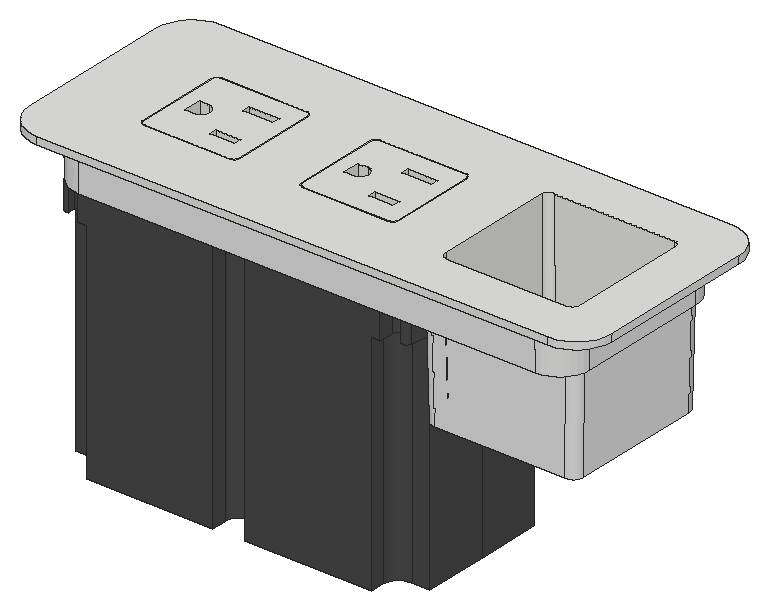
Revit family "Electrical-Teknion-YEFPW_Flush_Power_Module_WE_Connect-R2022", category Furniture, Revit 2023 (continued)
Automatic sketch dimensions
  curve 20 to curve 274 = 0.03215"
  curve 276 to plane 6 "Back" = 1.42601"
  curve 276 to curve 25 = 0.06934"
  curve 273 to plane 7 "Front" = 1.42601"
  curve 273 to curve 28 = 0.06934"
  curve 272 to curve 272 = 0.05809"
  curve 277 to curve 277 = 0.05809"
  curve 271 to plane 7 "Front" = 1.38253"
  curve 272 to curve 271 = 0.02334"
  curve 278 to plane 6 "Back" = 1.38253"
  curve 277 to curve 278 = 0.02334"
  curve 277 to curve 278 = 0.02465"
  curve 271 to plane 7 "Front" = 1.45793"
  curve 272 to curve 271 = 0.02465"
  curve 270 to curve 29 = 0.000"
  curve 279 to curve 25 = 0.000"
  curve 281 to curve 17 = 0.02078"
  curve 268 to curve 21 = 0.02078"
  curve 281 to curve 39 = 0.03068"
  curve 268 to curve 31 = 0.03068"
  curve 233 to curve 267 = 0.00108"
  curve 242 to curve 282 = 0.00108"
  curve 32 to curve 264 = 0.03068"
  curve 38 to curve 284 = 0.03068"
  curve 263 to plane 7 "Front" = 1.29901"
  curve 21 to curve 263 = 0.02078"
  curve 24 to curve 285 = 0.02078"
  curve 286 to plane 6 "Back" = 1.45793"
  curve 286 to curve 37 = 0.08249"
  curve 263 to plane 7 "Front" = 1.45793"
  curve 263 to curve 33 = 0.08249"
  curve 262 to curve 33 = 0.000"
  curve 253 to curve 37 = 0.000"
  curve 254 to plane 6 "Back" = 1.38253"
  curve 253 to curve 254 = 0.00132"
  curve 261 to plane 7 "Front" = 1.38253"
  curve 262 to curve 261 = 0.00132"
  curve 262 to curve 260 = 0.02465"
  curve 253 to curve 255 = 0.02465"
  curve 259 to plane 7 "Front" = 1.42601"
  curve 260 to curve 259 = 0.05809"
  curve 256 to plane 6 "Back" = 1.42601"
  curve 255 to curve 256 = 0.05809"
  curve 257 to plane 6 "Back" = 1.63365"
  curve 257 to curve 24 = 0.03215"
  curve 258 to plane 7 "Front" = 1.63365"
  curve 258 to curve 23 = 0.03215"
  curve 247 to curve 257 = 0.09843"
  curve 284 to curve 252 = 0.06215"
  curve 278 to curve 277 = 0.02112"
  plane 1 "Center Front/Back" to curve 302 = 0.000"
  curve 184 to curve 305 = 0.00012"
  curve 298 to plane 7 "Front" = 1.45646"
  curve 208 to curve 298 = 0.00012"
  curve 114 to curve 304 = 0.00052"
  curve 110 to curve 299 = 0.00052"
  curve 300 to curve 111 = 0.0106"
  curve 303 to curve 113 = 0.0106"
  curve 302 to curve 63 = 0.22469"
  curve 302 to curve 113 = 0.04372"
  plane 1 "Center Front/Back" to curve 330 = 0.000"
  plane 1 "Center Front/Back" to curve 313 = 0.000"
  curve 195 to curve 330 = 0.00028"
  curve 194 to curve 332 = 0.00028"
  curve 196 to curve 329 = 0.00028"
  curve 198 to curve 329 = 0.00028"
  curve 193 to curve 332 = 0.00028"
  curve 193 to curve 333 = 0.00028"
  curve 198 to curve 328 = 0.00028"
  curve 193 to curve 334 = 0.00028"
  curve 327 to plane 7 "Front" = 1.38253"
  curve 198 to curve 327 = 0.00028"
  curve 199 to curve 327 = 0.00028"
  curve 191 to curve 334 = 0.00028"
  curve 191 to curve 335 = 0.00028"
  curve 200 to curve 326 = 0.00028"
  curve 338 to plane 6 "Back" = 1.45958"
  curve 323 to plane 7 "Front" = 1.45958"
  curve 110 to curve 320 = 0.03083"
  curve 115 to curve 308 = 0.03083"
  curve 308 to curve 90 = 0.08193"
  curve 319 to plane 7 "Front" = 1.45793"
  curve 319 to curve 82 = 0.08193"
  curve 318 to curve 299 = 0.000"
  curve 309 to curve 304 = 0.000"
  curve 317 to plane 7 "Front" = 1.38253"
  curve 317 to curve 82 = 0.06491"
  curve 310 to plane 6 "Back" = 1.38253"
  curve 310 to curve 90 = 0.06491"
  curve 318 to curve 316 = 0.02465"
  curve 309 to curve 311 = 0.02465"
  curve 315 to plane 7 "Front" = 1.42601"
  curve 315 to curve 220 = 0.01272"
  curve 312 to plane 6 "Back" = 1.42601"
  curve 312 to curve 211 = 0.01272"
  curve 314 to curve 120 = 0.01288"
  curve 312 to curve 119 = 0.01288"
  curve 301 to curve 313 = 0.09843"
  curve 198 to curve 329 = 0.000"
  curve 199 to curve 327 = 0.000"
  curve 196 to curve 329 = 0.000"
  curve 120 to curve 315 = 0.01926"
  curve 194 to curve 331 = 0.000"
  curve 313 to curve 119 = 0.01926"
  curve 310 to curve 311 = 0.02112"
  curve 191 to curve 335 = 0.000"
  curve 193 to curve 333 = 0.000"
  curve 193 to curve 332 = 0.000"
  curve 42 to curve 146 = 0.000"  (x2)
  curve 44 to curve 148 = 0.000"  (x2)
  curve 46 to curve 150 = 0.000"  (x2)
  curve 48 to curve 152 = 0.000"  (x2)
  curve 50 to curve 154 = 0.000"  (x2)
  curve 52 to curve 156 = 0.000"  (x2)
  curve 54 to curve 158 = 0.000"  (x2)
  curve 56 to curve 160 = 0.000"  (x2)
  curve 66 to curve 94 = 0.000"
  curve 68 to curve 96 = 0.000"  (x2)
  curve 70 to curve 98 = 0.000"  (x2)
  curve 72 to curve 100 = 0.000"  (x2)
  curve 75 to curve 103 = 0.000"
  curve 77 to curve 105 = 0.000"
  curve 31 to plane 3 "Center Left/Right" = 0.000"
  curve 39 to plane 3 "Center Left/Right" = 0.000"
  curve 197 to curve 77 = 0.01762"
  curve 194 to curve 76 = 0.01762"
  curve 202 to curve 231 = 0.09324"
  curve 47 to curve 45 = 0.06889"
  curve 20 to curve 273 = 0.07075"
  curve 19 to curve 276 = 0.07075"
  curve 27 to curve 25 = 0.05199"
  curve 26 to curve 25 = 0.02063"
  curve 28 to curve 28 = 0.03136"
  curve 279 to curve 240 = 0.08249"
  curve 270 to curve 270 = 0.08249"
  curve 269 to curve 233 = 0.09296"
  curve 280 to curve 241 = 0.09296"
  curve 30 to curve 233 = 0.06266"
  curve 40 to curve 241 = 0.06266"
  curve 18 to curve 5 = 0.23707"
  curve 5 to curve 6 = 0.06889"
  curve 4 to curve 3 = 0.06889"
  curve 188 to curve 338 = 0.00033"
  curve 204 to curve 322 = 0.00033"
  curve 339 to curve 55 = 0.16565"
  curve 55 to curve 153 = 0.06889"
  curve 8 to curve 1 = 0.06889"
  curve 281 to plane 3 "Center Left/Right" = 0.17994"
  curve 268 to plane 3 "Center Left/Right" = 0.17994"
  curve 32 to curve 265 = 0.02787"
  curve 38 to curve 284 = 0.02787"
  plane 3 "Center Left/Right" to curve 15 = 0.34311"
  curve 16 to curve 9 = 0.06889"
  curve 15 to curve 13 = 0.06889"
  curve 50 to curve 301 = 0.4615"
  curve 136 to curve 62 = 0.04984"
  curve 136 to curve 57 = 0.04984"
  curve 142 to curve 243 = 0.09714"
  curve 137 to curve 252 = 0.09714"
  curve 37 to curve 17 = 0.00952"
  curve 33 to curve 21 = 0.00952"
  curve 263 to curve 245 = 0.08249"
  curve 251 to curve 286 = 0.09471"
  curve 245 to curve 247 = 0.1054"
  curve 249 to curve 248 = 0.1054"
  plane 5 "Right" to curve 247 = 0.47224"
  curve 36 to curve 35 = 0.03136"
  curve 21 to curve 268 = 0.01944"
  curve 32 to curve 243 = 0.02983"
  curve 31 to curve 266 = 0.00309"
  curve 245 to curve 33 = 0.00003"
  curve 235 to curve 29 = 0.00003"
  curve 34 to curve 246 = 0.04372"
  curve 13 to curve 157 = 0.000"
  curve 47 to curve 66 = 0.26658"
  curve 160 to plane 1 "Center Front/Back" = 0.47383"
  curve 248 to curve 36 = 0.04372"
  curve 238 to curve 27 = 0.04372"
  curve 37 to curve 250 = 0.00003"
  curve 283 to curve 39 = 0.00309"
  curve 25 to curve 240 = 0.00003"
Nested families (in)
  nested 1: "Body 2" at (0, 0, 0), visible <- "Body 2 - C & 2R", type "Body 2"
    with To render please download texture images found here "https://assets.teknion.com/web/5e81352c1dfdb467/revit-material-swatches/", How To Use Teknion Materials User Guide "https://assets.teknion.com/m/205dd0a49fa58060/original/How-to-add-a-Material-Library-and-Texture-Images-to-your-Revit-project.pdf", For Additional Finishes please visit "https://assets.teknion.com/m/44a8009b046e5d47/original/Teknion_Materials_Library.zip"
  nested 2: "Body 3" at (0, 0, 0), visible <- "Body 3 - 3R", type "Body 3"
    with To render please download texture images found here "https://assets.teknion.com/web/5e81352c1dfdb467/revit-material-swatches/", How To Use Teknion Materials User Guide "https://assets.teknion.com/m/205dd0a49fa58060/original/How-to-add-a-Material-Library-and-Texture-Images-to-your-Revit-project.pdf", For Additional Finishes please visit "https://assets.teknion.com/m/44a8009b046e5d47/original/Teknion_Materials_Library.zip"
  nested 3: "Receptacle - Power" at (-1.34996, 0.0494, 1.38382) x (0, -1, 0) z (0, 0, 1), visible <- "Dual - 1 - Power", Receptacle Finish <- "Receptacle Finish", type "Receptacle - Power"
    with To render please download texture images found here "https://assets.teknion.com/web/5e81352c1dfdb467/revit-material-swatches/", Receptacle Finish Plastic - Teknion - 8D - Atrium White, How To Use Teknion Materials User Guide "https://assets.teknion.com/m/205dd0a49fa58060/original/How-to-add-a-Material-Library-and-Texture-Images-to-your-Revit-project.pdf", For Additional Finishes please visit "https://assets.teknion.com/m/44a8009b046e5d47/original/Teknion_Materials_Library.zip"
  nested 4: "Receptacle - USB - A + C (18W)" at (0.83643, -0.46413, 1.38382), visible <- "Dual - 2 - USB (18W)", Receptacle Finish <- "Receptacle Finish", type "Receptacle - USB - A + C (18W)"
    with To render please download texture images found here "https://assets.teknion.com/web/5e81352c1dfdb467/revit-material-swatches/", Receptacle Finish Plastic - Teknion - 8D - Atrium White, How To Use Teknion Materials User Guide "https://assets.teknion.com/m/205dd0a49fa58060/original/How-to-add-a-Material-Library-and-Texture-Images-to-your-Revit-project.pdf", For Additional Finishes please visit "https://assets.teknion.com/m/44a8009b046e5d47/original/Teknion_Materials_Library.zip"
  nested 5: "Receptacle - USB - A + C (65W)" at (0.83643, -0.46413, 1.38382), visible <- "Dual - 2 - USB (65W)", Receptacle Finish <- "Receptacle Finish", type "Receptacle - USB - A + C (65W)"
    with To render please download texture images found here "https://assets.teknion.com/web/5e81352c1dfdb467/revit-material-swatches/", Receptacle Finish Plastic - Teknion - 8D - Atrium White, How To Use Teknion Materials User Guide "https://assets.teknion.com/m/205dd0a49fa58060/original/How-to-add-a-Material-Library-and-Texture-Images-to-your-Revit-project.pdf", For Additional Finishes please visit "https://assets.teknion.com/m/44a8009b046e5d47/original/Teknion_Materials_Library.zip"
  nested 6: "Body 2" at (-0.88555, 0, 0), visible <- "Body 2 - T", type "Body 2"
    with To render please download texture images found here "https://assets.teknion.com/web/5e81352c1dfdb467/revit-material-swatches/", How To Use Teknion Materials User Guide "https://assets.teknion.com/m/205dd0a49fa58060/original/How-to-add-a-Material-Library-and-Texture-Images-to-your-Revit-project.pdf", For Additional Finishes please visit "https://assets.teknion.com/m/44a8009b046e5d47/original/Teknion_Materials_Library.zip"
  nested 7: "Receptacle - Power" at (0.42169, 0.0494, 1.38382) x (0, -1, 0) z (0, 0, 1), visible <- "Dual - 2 - Power", Receptacle Finish <- "Receptacle Finish", type "Receptacle - Power"
    with To render please download texture images found here "https://assets.teknion.com/web/5e81352c1dfdb467/revit-material-swatches/", Receptacle Finish Plastic - Teknion - 8D - Atrium White, How To Use Teknion Materials User Guide "https://assets.teknion.com/m/205dd0a49fa58060/original/How-to-add-a-Material-Library-and-Texture-Images-to-your-Revit-project.pdf", For Additional Finishes please visit "https://assets.teknion.com/m/44a8009b046e5d47/original/Teknion_Materials_Library.zip"
  nested 8: "Receptacle - Power" at (-2.23576, 0.0494, 1.38382) x (0, -1, 0) z (0, 0, 1), visible <- "Triple - 1 - Power", Receptacle Finish <- "Receptacle Finish", type "Receptacle - Power"
    with To render please download texture images found here "https://assets.teknion.com/web/5e81352c1dfdb467/revit-material-swatches/", Receptacle Finish Plastic - Teknion - 8D - Atrium White, How To Use Teknion Materials User Guide "https://assets.teknion.com/m/205dd0a49fa58060/original/How-to-add-a-Material-Library-and-Texture-Images-to-your-Revit-project.pdf", For Additional Finishes please visit "https://assets.teknion.com/m/44a8009b046e5d47/original/Teknion_Materials_Library.zip"
  nested 9: "Receptacle - Power" at (-0.46413, 0.0494, 1.38382) x (0, -1, 0) z (0, 0, 1), visible <- "Triple - 2 - Power", Receptacle Finish <- "Receptacle Finish", type "Receptacle - Power"
    with To render please download texture images found here "https://assets.teknion.com/web/5e81352c1dfdb467/revit-material-swatches/", Receptacle Finish Plastic - Teknion - 8D - Atrium White, How To Use Teknion Materials User Guide "https://assets.teknion.com/m/205dd0a49fa58060/original/How-to-add-a-Material-Library-and-Texture-Images-to-your-Revit-project.pdf", For Additional Finishes please visit "https://assets.teknion.com/m/44a8009b046e5d47/original/Teknion_Materials_Library.zip"
  nested 10: "Receptacle - USB - A + C (65W)" at (1.72222, -0.46413, 1.38382), visible <- "Triple - 3 - USB (65W)", Receptacle Finish <- "Receptacle Finish", type "Receptacle - USB - A + C (65W)"
    with To render please download texture images found here "https://assets.teknion.com/web/5e81352c1dfdb467/revit-material-swatches/", Receptacle Finish Plastic - Teknion - 8D - Atrium White, How To Use Teknion Materials User Guide "https://assets.teknion.com/m/205dd0a49fa58060/original/How-to-add-a-Material-Library-and-Texture-Images-to-your-Revit-project.pdf", For Additional Finishes please visit "https://assets.teknion.com/m/44a8009b046e5d47/original/Teknion_Materials_Library.zip"
  nested 11: "Receptacle - USB - A + C (18W)" at (1.72222, -0.46413, 1.38382), visible <- "Triple - 3 - USB (18W)", Receptacle Finish <- "Receptacle Finish", type "Receptacle - USB - A + C (18W)"
    with To render please download texture images found here "https://assets.teknion.com/web/5e81352c1dfdb467/revit-material-swatches/", Receptacle Finish Plastic - Teknion - 8D - Atrium White, How To Use Teknion Materials User Guide "https://assets.teknion.com/m/205dd0a49fa58060/original/How-to-add-a-Material-Library-and-Texture-Images-to-your-Revit-project.pdf", For Additional Finishes please visit "https://assets.teknion.com/m/44a8009b046e5d47/original/Teknion_Materials_Library.zip"
  nested 12: "Receptacle - Power" at (1.30749, 0.0494, 1.38382) x (0, -1, 0) z (0, 0, 1), visible <- "Triple - 3 - Power", Receptacle Finish <- "Receptacle Finish", type "Receptacle - Power"
    with To render please download texture images found here "https://assets.teknion.com/web/5e81352c1dfdb467/revit-material-swatches/", Receptacle Finish Plastic - Teknion - 8D - Atrium White, How To Use Teknion Materials User Guide "https://assets.teknion.com/m/205dd0a49fa58060/original/How-to-add-a-Material-Library-and-Texture-Images-to-your-Revit-project.pdf", For Additional Finishes please visit "https://assets.teknion.com/m/44a8009b046e5d47/original/Teknion_Materials_Library.zip"
  nested 13: "Receptacle - USB - A + C (65W)" at (-0.0494, -0.46413, 1.38382), visible <- "Triple - 2 - USB (65W)", Receptacle Finish <- "Receptacle Finish", type "Receptacle - USB - A + C (65W)"
    with To render please download texture images found here "https://assets.teknion.com/web/5e81352c1dfdb467/revit-material-swatches/", Receptacle Finish Plastic - Teknion - 8D - Atrium White, How To Use Teknion Materials User Guide "https://assets.teknion.com/m/205dd0a49fa58060/original/How-to-add-a-Material-Library-and-Texture-Images-to-your-Revit-project.pdf", For Additional Finishes please visit "https://assets.teknion.com/m/44a8009b046e5d47/original/Teknion_Materials_Library.zip"
  nested 14: "Receptacle - USB - A + C (18W)" at (-0.0494, -0.46413, 1.38382), visible <- "Triple - 2 - USB (18W)", Receptacle Finish <- "Receptacle Finish", type "Receptacle - USB - A + C (18W)"
    with To render please download texture images found here "https://assets.teknion.com/web/5e81352c1dfdb467/revit-material-swatches/", Receptacle Finish Plastic - Teknion - 8D - Atrium White, How To Use Teknion Materials User Guide "https://assets.teknion.com/m/205dd0a49fa58060/original/How-to-add-a-Material-Library-and-Texture-Images-to-your-Revit-project.pdf", For Additional Finishes please visit "https://assets.teknion.com/m/44a8009b046e5d47/original/Teknion_Materials_Library.zip"
  nested 15: "Teknion_2D_Node_Family-R2016" at (0, 0, 0), type "Teknion_2D_Node_Family-R2016"
Definition of nested family "Body 2"
  Parameters (values of type "Body 2")
    Warranty = "http://www.teknion.com/ca/papers/legal-canada"
    Unit Weight URL = "http://www.teknion.com/ca/tools/assets#&asset=bee6a381-b954-425e-8283-5a2de3a804f2,f828d448-4b62-4231-9e5f-9a8991c0ed77"
    URL = "www.teknion.com"
    To render please download texture images found here [instance] = "https://assets.teknion.com/web/5e81352c1dfdb467/revit-material-swatches/"
    Sustainability Data = "https://www.teknion.com/ca/tools/assets#&topic=216f99a5-57a0-44fc-b10a-9dee9b29ae4c&asset=444deb64-fe58-4b68-981e-f75e97781df7,b4ff2d81-9f2e-437d-9659-7cffb09c31cf"
    Series = ""
    Product Page URL = ""
    Product Line = ""
    Product Documentation Link = ""
    Part Number = ""
    Model = ""
    Manufacturer Phone = "416-661-3370"  # constant formula
    Manufacturer Fax = "416.661.4586"  # constant formula
    Manufacturer Contact Information = "http://www.teknion.com/ca/contactus"
    Manufacturer Address = "1150 Flint Road, Toronto, ON. M3J 2J5. Canada"  # constant formula
    Manufacturer = "Teknion"  # constant formula
    How To Use Teknion Materials User Guide [instance] = "https://assets.teknion.com/m/205dd0a49fa58060/original/How-to-add-a-Material-Library-and-Texture-Images-to-your-Revit-project.pdf"
    For Additional Finishes please visit [instance] = "https://assets.teknion.com/m/44a8009b046e5d47/original/Teknion_Materials_Library.zip"
    Description = "Body 2"
    Default Elevation = 0.000"
    Assembly Code = "E2020200"
  Reference planes (in)
    plane 1 "Center Front/Back": y = 0
    plane 2: z = 0
    plane 3 "Center Left/Right": x = 0
    plane 4 "Left": x = -1.98819
    plane 5 "Right": x = 1.98819
    plane 6 "Back": y = 1.06299
    plane 7 "Front": y = -1.06299
    plane 8 "Top": z = 28.99038
    plane 9: z = 25.69291
  Forms (in)
    Sweep 1, solid
      path origin (0, 0, 0) x (1, 0, 0) y (0, 0, 1)
        loop
          line (0, 28.99038) -> (0, 25.69291)
      profile origin (0, 0, 27.34165) x (0, -1, 0) y (1, 0, 0)
        loop
          line (0, -1.98819) -> (0.72835, -1.97548) -> (0.93599, -1.93688)
          arc (0.93599, -1.93688) -> (0.97731, -1.90662) -> (0.97947, -1.85546) r 0.05908
          line (0.97947, -1.85546) -> (0.90407, -1.85414)
          arc (0.90407, -1.85414) -> (0.82158, -1.77165) -> (0.90407, -1.68917) r 0.08249
          line (0.90407, -1.68917) -> (1.06299, -1.68639) -> (1.06299, -0.17994) -> (0.90242, -0.17714)
          arc (0.90242, -0.17714) -> (0.72528, 0) -> (0.90242, 0.17714) r 0.17714
          line (0.90242, 0.17714) -> (1.06299, 0.17994) -> (1.06299, 1.68639) -> (0.90407, 1.68917)
          arc (0.90407, 1.68917) -> (0.82158, 1.77165) -> (0.90407, 1.85414) r 0.08249
          line (0.90407, 1.85414) -> (0.97947, 1.85546)
          arc (0.97947, 1.85546) -> (0.97731, 1.90662) -> (0.93599, 1.93688) r 0.05908
          line (0.93599, 1.93688) -> (0.72835, 1.97548) -> (0, 1.98819) -> (-0.72835, 1.97548) -> (-0.93599, 1.93688)
          arc (-0.93599, 1.93688) -> (-0.97731, 1.90662) -> (-0.97947, 1.85546) r 0.05908
          line (-0.97947, 1.85546) -> (-0.90407, 1.85414)
          arc (-0.90407, 1.85414) -> (-0.82158, 1.77165) -> (-0.90407, 1.68917) r 0.08249
          line (-0.90407, 1.68917) -> (-1.06299, 1.68639) -> (-1.06299, 0.17994) -> (-0.90242, 0.17714)
          arc (-0.90242, 0.17714) -> (-0.72528, 0) -> (-0.90242, -0.17714) r 0.17714
          line (-0.90242, -0.17714) -> (-1.06299, -0.17994) -> (-1.06299, -1.68639) -> (-0.90407, -1.68917)
          arc (-0.90407, -1.68917) -> (-0.82158, -1.77165) -> (-0.90407, -1.85414) r 0.08249
          line (-0.90407, -1.85414) -> (-0.97947, -1.85546)
          arc (-0.97947, -1.85546) -> (-0.97731, -1.90662) -> (-0.93599, -1.93688) r 0.05908
          line (-0.93599, -1.93688) -> (-0.72835, -1.97548) -> (0, -1.98819)
    Sweep 2, void
      path origin (0, 0, 0) x (1, 0, 0) y (0, 0, 1)
        loop
          line (0, 28.23115) -> (0, 24.98115)
      profile origin (0, 0, 26.60615) x (0, -1, 0) y (1, 0, 0)
        loop
          line (-0.90554, -1.59446) -> (-1.06299, -1.59171) -> (-1.06299, -1.98819) -> (-0.72835, -1.98819) -> (-0.72835, -1.77165)
          arc (-0.72835, -1.77165) -> (-0.78025, -1.64636) -> (-0.90554, -1.59446) r 0.17719
        loop
          arc (-0.90554, 1.59446) -> (-0.78025, 1.64636) -> (-0.72835, 1.77165) r 0.17719
          line (-0.72835, 1.77165) -> (-0.72835, 1.98819) -> (-1.06299, 1.98819) -> (-1.06299, 1.59171) -> (-0.90554, 1.59446)
        loop
          arc (0.90554, -1.59446) -> (0.78025, -1.64636) -> (0.72835, -1.77165) r 0.17719
          line (0.72835, -1.77165) -> (0.72835, -1.98819) -> (1.06299, -1.98819) -> (1.06299, -1.59171) -> (0.90554, -1.59446)
        loop
          line (0.90554, 1.59446) -> (1.06299, 1.59171) -> (1.06299, 1.98819) -> (0.72835, 1.98819) -> (0.72835, 1.77165)
          arc (0.72835, 1.77165) -> (0.78025, 1.64636) -> (0.90554, 1.59446) r 0.17719
    Sweep 3, void
      path origin (0, 0, 0) x (1, 0, 0) y (0, 0, 1)
        loop
          line (0, 29.24673) -> (0, 28.52756)
      profile origin (0, 0, 28.88715) x (0, -1, 0) y (1, 0, 0)
        loop
          line (0, -1.88976) -> (0.72835, -1.87705) -> (0.72835, -1.77165)
          arc (0.72835, -1.77165) -> (0.78025, -1.64636) -> (0.90554, -1.59446) r 0.17719
          line (0.90554, -1.59446) -> (0.96457, -1.59343) -> (0.96457, 1.59343) -> (0.90554, 1.59446)
          arc (0.90554, 1.59446) -> (0.78025, 1.64636) -> (0.72835, 1.77165) r 0.17719
          line (0.72835, 1.77165) -> (0.72835, 1.87705) -> (0, 1.88976) -> (-0.72835, 1.87705) -> (-0.72835, 1.77165)
          arc (-0.72835, 1.77165) -> (-0.78025, 1.64636) -> (-0.90554, 1.59446) r 0.17719
          line (-0.90554, 1.59446) -> (-0.96457, 1.59343) -> (-0.96457, -1.59343) -> (-0.90554, -1.59446)
          arc (-0.90554, -1.59446) -> (-0.78025, -1.64636) -> (-0.72835, -1.77165) r 0.17719
          line (-0.72835, -1.77165) -> (-0.72835, -1.87705) -> (0, -1.88976)
        loop
          line (-1.26924, -2.33388) -> (1.37236, -2.33388) -> (1.37236, 2.41612) -> (-1.26924, 2.41612) -> (-1.26924, -2.33388)
    Sweep 4, void
      path origin (0, 0, 0) x (1, 0, 0) y (0, 0, 1)
        loop
          line (0, 28.87913) -> (0, 29.37913)
      profile origin (0, 0, 29.12913) x (-1, 0, 0) y (0, -1, 0)
        loop
          line (1.42743, -0.55118) -> (1.42743, 0.55118) -> (0.34427, 0.55118) -> (0.34427, -0.55118) -> (1.42743, -0.55118)
        loop
          line (-0.3443, -0.55118) -> (-0.3443, 0.55118) -> (-1.42739, 0.55118) -> (-1.42739, -0.55118) -> (-0.3443, -0.55118)
  Cuts and joins
    Sweep 2, Sweep 3, Sweep 4 cuts Sweep 1
  Lines and regions (in)
    symbolic lines
      curve 1: line (-0.17994, 1.06299, 0) -> (-1.68639, 1.06299, 0)
      curve 2: line (-1.68639, 1.06299, 0) -> (-1.68917, 0.90407, 0)
      curve 3: arc (-1.68917, 0.90407, 0) -> (-1.77165, 0.82158, 0) -> (-1.85414, 0.90407, 0) r 0.08249
      curve 4: line (-1.85414, 0.90407, 0) -> (-1.85546, 0.97947, 0)
      curve 5: arc (-1.85546, 0.97947, 0) -> (-1.90662, 0.97731, 0) -> (-1.93688, 0.93599, 0) r 0.05908
      curve 6: line (-1.93688, 0.93599, 0) -> (-1.97548, 0.72835, 0)
      curve 7: line (-1.97548, 0.72835, 0) -> (-1.98819, 0, 0)
      curve 8: line (-0.17714, 0.90242, 0) -> (-0.17994, 1.06299, 0)
      curve 9: arc (0.17714, 0.90242, 0) -> (0, 0.72528, 0) -> (-0.17714, 0.90242, 0) r 0.17714
      curve 10: line (-1.59343, 0.96457, 0) -> (-0.17822, 0.96457, 0)
      curve 11: arc (-1.77165, 0.72835, 0) -> (-1.64636, 0.78025, 0) -> (-1.59446, 0.90554, 0) r 0.17719
      curve 12: line (-1.59446, 0.90554, 0) -> (-1.59343, 0.96457, 0)
      curve 13: line (-1.88976, 0, 0) -> (-1.87705, 0.72835, 0)
      curve 14: line (-1.87705, 0.72835, 0) -> (-1.77165, 0.72835, 0)
      curve 15: line (-0.34427, 0.55118, 0) -> (-1.42743, 0.55118, 0)
      curve 16: line (-1.42743, 0.55118, 0) -> (-1.42743, -0.55118, 0)
      curve 17: line (-0.34427, -0.55118, 0) -> (-0.34427, 0.55118, 0)
      curve 18: line (0.17994, 1.06299, 0) -> (1.68639, 1.06299, 0)
      curve 19: line (1.68639, 1.06299, 0) -> (1.68917, 0.90407, 0)
      curve 20: arc (1.68917, 0.90407, 0) -> (1.77165, 0.82158, 0) -> (1.85414, 0.90407, 0) r 0.08249
      curve 21: line (1.85414, 0.90407, 0) -> (1.85546, 0.97947, 0)
      curve 22: arc (1.85546, 0.97947, 0) -> (1.90662, 0.97731, 0) -> (1.93688, 0.93599, 0) r 0.05908
      curve 23: line (1.93688, 0.93599, 0) -> (1.97548, 0.72835, 0)
      curve 24: line (1.97548, 0.72835, 0) -> (1.98819, 0, 0)
      curve 25: line (0.17714, 0.90242, 0) -> (0.17994, 1.06299, 0)
      curve 26: line (1.59343, 0.96457, 0) -> (0.17822, 0.96457, 0)
      curve 27: arc (1.77165, 0.72835, 0) -> (1.64636, 0.78025, 0) -> (1.59446, 0.90554, 0) r 0.17719
      curve 28: line (1.59446, 0.90554, 0) -> (1.59343, 0.96457, 0)
      curve 29: line (1.88976, 0, 0) -> (1.87705, 0.72835, 0)
      curve 30: line (1.87705, 0.72835, 0) -> (1.77165, 0.72835, 0)
      curve 31: line (0.34427, 0.55118, 0) -> (1.42743, 0.55118, 0)
      curve 32: line (1.42743, 0.55118, 0) -> (1.42743, -0.55118, 0)
      curve 33: line (0.34427, -0.55118, 0) -> (0.34427, 0.55118, 0)
      curve 34: line (-0.17994, -1.06299, 0) -> (-1.68639, -1.06299, 0)
      curve 35: line (-1.68639, -1.06299, 0) -> (-1.68917, -0.90407, 0)
      curve 36: arc (-1.68917, -0.90407, 0) -> (-1.77165, -0.82158, 0) -> (-1.85414, -0.90407, 0) r 0.08249
      curve 37: line (-1.85414, -0.90407, 0) -> (-1.85546, -0.97947, 0)
      curve 38: arc (-1.85546, -0.97947, 0) -> (-1.90662, -0.97731, 0) -> (-1.93688, -0.93599, 0) r 0.05908
      curve 39: line (-1.93688, -0.93599, 0) -> (-1.97548, -0.72835, 0)
      curve 40: line (-1.97548, -0.72835, 0) -> (-1.98819, 0, 0)
      curve 41: line (-0.17714, -0.90242, 0) -> (-0.17994, -1.06299, 0)
      curve 42: arc (0.17714, -0.90242, 0) -> (0, -0.72528, 0) -> (-0.17714, -0.90242, 0) r 0.17714
      curve 43: line (-1.59343, -0.96457, 0) -> (-0.17822, -0.96457, 0)
      curve 44: arc (-1.77165, -0.72835, 0) -> (-1.64636, -0.78025, 0) -> (-1.59446, -0.90554, 0) r 0.17719
      curve 45: line (-1.59446, -0.90554, 0) -> (-1.59343, -0.96457, 0)
      curve 46: line (-1.88976, 0, 0) -> (-1.87705, -0.72835, 0)
      curve 47: line (-1.87705, -0.72835, 0) -> (-1.77165, -0.72835, 0)
      curve 48: line (-0.34427, -0.55118, 0) -> (-1.42743, -0.55118, 0)
      curve 49: line (0.17994, -1.06299, 0) -> (1.68639, -1.06299, 0)
      curve 50: line (1.68639, -1.06299, 0) -> (1.68917, -0.90407, 0)
      curve 51: arc (1.68917, -0.90407, 0) -> (1.77165, -0.82158, 0) -> (1.85414, -0.90407, 0) r 0.08249
      curve 52: line (1.85414, -0.90407, 0) -> (1.85546, -0.97947, 0)
      curve 53: arc (1.85546, -0.97947, 0) -> (1.90662, -0.97731, 0) -> (1.93688, -0.93599, 0) r 0.05908
      curve 54: line (1.93688, -0.93599, 0) -> (1.97548, -0.72835, 0)
      curve 55: line (1.97548, -0.72835, 0) -> (1.98819, 0, 0)
      curve 56: line (0.17714, -0.90242, 0) -> (0.17994, -1.06299, 0)
      curve 57: line (1.59343, -0.96457, 0) -> (0.17822, -0.96457, 0)
      curve 58: arc (1.77165, -0.72835, 0) -> (1.64636, -0.78025, 0) -> (1.59446, -0.90554, 0) r 0.17719
      curve 59: line (1.59446, -0.90554, 0) -> (1.59343, -0.96457, 0)
      curve 60: line (1.88976, 0, 0) -> (1.87705, -0.72835, 0)
      curve 61: line (1.87705, -0.72835, 0) -> (1.77165, -0.72835, 0)
      curve 62: line (0.34427, -0.55118, 0) -> (1.42743, -0.55118, 0)
    symbolic lines, detail levels medium+fine
      curve 63: line (-1.59446, 0.90554, 0) -> (-1.59171, 1.06299, 0)
      curve 64: line (-1.97548, 0.72835, 0) -> (-1.77165, 0.72835, 0)
      curve 65: line (-1.77165, -0.72835, 0) -> (-1.97548, -0.72835, 0)
      curve 66: line (-1.59171, -1.06299, 0) -> (-1.59446, -0.90554, 0)
      curve 67: line (1.59446, -0.90554, 0) -> (1.59171, -1.06299, 0)
      curve 68: line (1.97548, -0.72835, 0) -> (1.77165, -0.72835, 0)
      curve 69: line (1.77165, 0.72835, 0) -> (1.97548, 0.72835, 0)
      curve 70: line (1.59171, 1.06299, 0) -> (1.59446, 0.90554, 0)
  Dimensions and locks (in)
    plane 4 "Left" to plane 5 "Right" = 3.97638"
    plane 6 "Back" to plane 7 "Front" = 2.12598"
    locked: plane 8 "Top" to level at 28.99038
    equal spacing: plane 6 "Back", plane 1 "Center Front/Back", plane 7 "Front"
    equal spacing: plane 4 "Left", plane 3 "Center Left/Right", plane 5 "Right"
    locked: plane 8 "Top" to plane 9 at 3.29747
    aligned and locked: level to plane 2
    aligned and locked: Sweep 1 sketch curve to plane 3 "Center Left/Right"
    aligned and locked: Sweep 2 sketch curve to plane 3 "Center Left/Right"
    aligned and locked: Sweep 3 sketch curve to plane 3 "Center Left/Right"
    aligned and locked: plane 3 "Center Left/Right" to Sweep 4 sketch curve
  Automatic sketch dimensions
    Sweep 1 sketch curve to plane 9 = 0.000"
    plane 8 "Top" to Sweep 1 sketch curve = 0.000"
    Sweep 1 sketch curve to profile plane = 0.000"  (x2)
    Sweep 1 sketch curve to plane 1 "Center Front/Back" = 0.000"
    plane 1 "Center Front/Back" to Sweep 1 sketch curve = 0.000"
    Sweep 1 sketch curve to plane 1 "Center Front/Back" = 0.72835"  (x2)
    Sweep 1 sketch curve to profile plane = 0.17714"
    Sweep 1 sketch curve to plane 1 "Center Front/Back" = 0.90242"
    Sweep 1 sketch curve to Sweep 1 sketch curve = 0.17573"  (x4)
    Sweep 1 sketch curve to Sweep 1 sketch curve = 0.02112"  (x4)
    Sweep 1 sketch curve to Sweep 1 sketch curve = 0.0108"  (x4)
    Sweep 1 sketch curve to Sweep 1 sketch curve = 0.05428"  (x4)
    Sweep 1 sketch curve to Sweep 1 sketch curve = 0.16057"  (x2)
    Sweep 1 sketch curve to Sweep 1 sketch curve = 0.15892"  (x2)
    plane 1 "Center Front/Back" to Sweep 1 sketch curve = 0.72835"  (x2)
    plane 1 "Center Front/Back" to Sweep 1 sketch curve = 0.90242"
    Sweep 1 sketch curve to profile plane = 0.17994"
    Sweep 1 sketch curve to Sweep 1 sketch curve = 0.0028"  (x3)
    profile plane to Sweep 1 sketch curve = 0.17994"
    Sweep 1 sketch curve to Sweep 1 sketch curve = 1.50645"  (x4)
    Sweep 1 sketch curve to Sweep 1 sketch curve = 0.00277"  (x4)
    Sweep 1 sketch curve to Sweep 1 sketch curve = 0.08249"  (x4)
    Sweep 1 sketch curve to Sweep 1 sketch curve = 0.00132"  (x4)
    Sweep 1 sketch curve to Sweep 1 sketch curve = 0.02465"  (x4)
    Sweep 1 sketch curve to Sweep 1 sketch curve = 0.03859"  (x4)
    Sweep 1 sketch curve to Sweep 1 sketch curve = 0.01271"  (x2)
    Sweep 2 sketch curve to plane 9 = 0.71176"
    Sweep 2 sketch curve to plane 8 "Top" = 0.75923"
    Sweep 2 sketch curve to plane 1 "Center Front/Back" = 1.06299"  (x2)
    Sweep 2 sketch curve to Sweep 2 sketch curve = 0.15745"  (x4)
    Sweep 2 sketch curve to Sweep 2 sketch curve = 0.17719"  (x4)
    plane 1 "Center Front/Back" to Sweep 2 sketch curve = 0.72835"  (x2)
    profile plane to Sweep 2 sketch curve = 1.98819"
    Sweep 2 sketch curve to Sweep 2 sketch curve = 0.000"
    Sweep 2 sketch curve to Sweep 2 sketch curve = 0.21654"  (x4)
    Sweep 2 sketch curve to Sweep 2 sketch curve = 0.00275"  (x4)
    Sweep 2 sketch curve to profile plane = 1.59171"  (x2)
    Sweep 3 sketch curve to plane 8 "Top" = 0.46282"
    plane 8 "Top" to Sweep 3 sketch curve = 0.25635"
    plane 1 "Center Front/Back" to Sweep 3 sketch curve = 0.000"  (x2)
    Sweep 3 sketch curve to plane 1 "Center Front/Back" = 0.72835"  (x2)
    Sweep 3 sketch curve to Sweep 3 sketch curve = 0.17719"  (x4)
    Sweep 3 sketch curve to Sweep 3 sketch curve = 0.05903"  (x2)
    Sweep 3 sketch curve to Sweep 3 sketch curve = 0.3637"
    plane 1 "Center Front/Back" to Sweep 3 sketch curve = 0.72835"  (x2)
    Sweep 3 sketch curve to Sweep 3 sketch curve = 0.46682"
    profile plane to Sweep 3 sketch curve = 2.33388"
    Sweep 3 sketch curve to Sweep 3 sketch curve = 0.44411"
    Sweep 3 sketch curve to Sweep 3 sketch curve = 0.45683"
    Sweep 3 sketch curve to Sweep 3 sketch curve = 0.01271"  (x2)
    Sweep 3 sketch curve to Sweep 3 sketch curve = 0.1054"  (x4)
    Sweep 3 sketch curve to Sweep 3 sketch curve = 0.00103"  (x4)
    Sweep 3 sketch curve to profile plane = 1.59343"  (x2)
    Sweep 3 sketch curve to Sweep 3 sketch curve = 0.64447"
    Sweep 4 sketch curve to plane 8 "Top" = 0.11125"
    plane 8 "Top" to Sweep 4 sketch curve = 0.38875"
    Sweep 4 sketch curve to plane 1 "Center Front/Back" = 0.55118"  (x2)
    profile plane to Sweep 4 sketch curve = 1.42739"
    profile plane to Sweep 4 sketch curve = 0.3443"
    Sweep 4 sketch curve to profile plane = 0.34427"
    Sweep 4 sketch curve to Sweep 4 sketch curve = 1.08316"
    plane 1 "Center Front/Back" to Sweep 4 sketch curve = 0.55118"  (x2)
    curve 7 to plane 1 "Center Front/Back" = 0.000"
    curve 7 to plane 4 "Left" = 0.000"
    plane 1 "Center Front/Back" to curve 46 = 0.000"
    plane 7 "Front" to curve 34 = 0.000"
    curve 1 to plane 6 "Back" = 0.000"
    curve 9 to plane 3 "Center Left/Right" = 0.000"
    curve 42 to plane 3 "Center Left/Right" = 0.000"
    plane 7 "Front" to curve 56 = 0.000"
    curve 25 to plane 6 "Back" = 0.000"
    plane 1 "Center Front/Back" to curve 60 = 0.000"
    plane 1 "Center Front/Back" to curve 55 = 0.000"
    curve 55 to plane 5 "Right" = 0.000"
    plane 4 "Left" to curve 39 = 0.01271"
    plane 4 "Left" to curve 7 = 0.01271"
    plane 4 "Left" to curve 6 = 0.05131"
    plane 4 "Left" to curve 39 = 0.05131"
    plane 4 "Left" to curve 46 = 0.09843"
    curve 5 to curve 5 = 0.05809"
    curve 38 to curve 38 = 0.05809"
    curve 40 to curve 46 = 0.09843"
    curve 6 to curve 14 = 0.09843"
    curve 4 to plane 6 "Back" = 0.08352"
    curve 5 to curve 4 = 0.02334"
    curve 37 to plane 7 "Front" = 0.08352"
    curve 38 to curve 37 = 0.02334"
    curve 5 to curve 4 = 0.02465"
    curve 38 to curve 37 = 0.02465"
    curve 36 to curve 36 = 0.08249"
    curve 3 to curve 3 = 0.08249"
    curve 11 to curve 3 = 0.000"
    curve 46 to curve 47 = 0.1054"
    curve 35 to curve 34 = 0.00277"
    curve 2 to curve 1 = 0.00277"
    curve 45 to plane 7 "Front" = 0.15745"
    curve 35 to curve 45 = 0.09471"
    curve 12 to plane 6 "Back" = 0.15745"
    curve 3 to curve 12 = 0.09471"
    curve 12 to plane 6 "Back" = 0.09843"
    curve 12 to curve 12 = 0.00103"
    curve 45 to plane 7 "Front" = 0.09843"
    curve 44 to curve 45 = 0.00103"
    curve 11 to curve 16 = 0.34422"
    curve 15 to plane 3 "Center Left/Right" = 0.34427"
    curve 34 to plane 3 "Center Left/Right" = 0.17994"
    curve 1 to plane 3 "Center Left/Right" = 0.17994"
    curve 34 to curve 41 = 0.0028"
    curve 1 to curve 8 = 0.0028"
    curve 56 to curve 56 = 0.0028"
    curve 25 to curve 25 = 0.0028"
    plane 3 "Center Left/Right" to curve 33 = 0.34427"
    plane 5 "Right" to curve 31 = 0.56076"
    curve 26 to plane 6 "Back" = 0.09843"
    plane 5 "Right" to curve 26 = 0.39476"
    curve 59 to plane 7 "Front" = 0.09843"
    plane 5 "Right" to curve 59 = 0.39476"
    curve 28 to plane 6 "Back" = 0.15745"
    curve 26 to curve 28 = 0.00103"
    curve 59 to plane 7 "Front" = 0.15745"
    curve 57 to curve 59 = 0.00103"
    curve 26 to curve 18 = 0.09296"
    curve 57 to curve 50 = 0.09296"
    curve 27 to curve 19 = 0.09471"
    curve 58 to curve 50 = 0.09471"
    curve 20 to curve 30 = 0.08249"
    curve 50 to curve 58 = 0.08249"
    curve 51 to curve 58 = 0.000"
    curve 20 to curve 27 = 0.000"
    curve 51 to curve 52 = 0.00132"
    curve 20 to curve 21 = 0.00132"
    curve 58 to curve 61 = 0.1054"
    curve 27 to curve 29 = 0.1054"
    curve 20 to curve 22 = 0.02465"
    curve 51 to curve 53 = 0.02465"
    plane 5 "Right" to curve 60 = 0.09843"
    plane 5 "Right" to curve 23 = 0.05131"
    plane 5 "Right" to curve 54 = 0.05131"
    plane 5 "Right" to curve 24 = 0.01271"
    plane 5 "Right" to curve 54 = 0.01271"
    curve 52 to plane 7 "Front" = 0.08352"
    curve 52 to curve 54 = 0.04348"
    curve 37 to curve 39 = 0.04348"
    curve 58 to curve 51 = 0.00147"
    curve 44 to curve 36 = 0.00147"
    curve 42 to plane 7 "Front" = 0.16057"
    curve 47 to curve 16 = 0.17716"
    curve 56 to curve 33 = 0.35124"
    curve 15 to curve 11 = 0.17716"
    curve 32 to curve 30 = 0.17716"
    curve 25 to curve 26 = 0.06215"
    curve 4 to curve 5 = 0.0754"
    curve 21 to curve 27 = 0.00147"
    curve 3 to curve 5 = 0.02112"
    curve 20 to curve 22 = 0.02112"
    curve 22 to curve 23 = 0.0108"
    curve 1 to curve 63 = 0.09468"
    curve 34 to curve 66 = 0.09468"
    curve 67 to curve 49 = 0.09468"
    curve 70 to curve 18 = 0.09468"
Definition of nested family "Body 3"
  Parameters (values of type "Body 3")
    Warranty = "http://www.teknion.com/ca/papers/legal-canada"
    Unit Weight URL = "http://www.teknion.com/ca/tools/assets#&asset=bee6a381-b954-425e-8283-5a2de3a804f2,f828d448-4b62-4231-9e5f-9a8991c0ed77"
    URL = "www.teknion.com"
    To render please download texture images found here [instance] = "https://assets.teknion.com/web/5e81352c1dfdb467/revit-material-swatches/"
    Sustainability Data = "https://www.teknion.com/ca/tools/assets#&topic=216f99a5-57a0-44fc-b10a-9dee9b29ae4c&asset=444deb64-fe58-4b68-981e-f75e97781df7,b4ff2d81-9f2e-437d-9659-7cffb09c31cf"
    Series = ""
    Product Page URL = ""
    Product Line = ""
    Product Documentation Link = ""
    Part Number = ""
    Model = ""
    Manufacturer Phone = "416-661-3370"  # constant formula
    Manufacturer Fax = "416.661.4586"  # constant formula
    Manufacturer Contact Information = "http://www.teknion.com/ca/contactus"
    Manufacturer Address = "1150 Flint Road, Toronto, ON. M3J 2J5. Canada"  # constant formula
    Manufacturer = "Teknion"  # constant formula
    How To Use Teknion Materials User Guide [instance] = "https://assets.teknion.com/m/205dd0a49fa58060/original/How-to-add-a-Material-Library-and-Texture-Images-to-your-Revit-project.pdf"
    For Additional Finishes please visit [instance] = "https://assets.teknion.com/m/44a8009b046e5d47/original/Teknion_Materials_Library.zip"
    Description = "Body 3"
    Default Elevation = 0.000"
    Assembly Code = "E2020200"
  Reference planes (in)
    plane 1 "Center Front/Back": y = 0
    plane 2: z = 0
    plane 3 "Center Left/Right": x = 0
    plane 4 "Left": x = -2.87402
    plane 5 "Right": x = 2.87402
    plane 6 "Back": y = 1.06299
    plane 7 "Front": y = -1.06299
    plane 8 "Top": z = 28.99038
    plane 9: z = 25.69291
  Forms (in)
    Sweep 1, solid
      path origin (0, 0, 0) x (1, 0, 0) y (0, 0, 1)
        loop
          line (0, 28.99038) -> (0, 25.69291)
      profile origin (0, 0, 27.34165) x (0, -1, 0) y (1, 0, 0)
        loop
          line (0, -2.87402) -> (0.72835, -2.8613) -> (0.93599, -2.82271)
          arc (0.93599, -2.82271) -> (0.97731, -2.79245) -> (0.97947, -2.74128) r 0.05908
          line (0.97947, -2.74128) -> (0.90407, -2.73997)
          arc (0.90407, -2.73997) -> (0.82158, -2.65748) -> (0.90407, -2.57499) r 0.08249
          line (0.90407, -2.57499) -> (1.06299, -2.57222) -> (1.06299, -1.06577) -> (0.90242, -1.06297)
          arc (0.90242, -1.06297) -> (0.72528, -0.88583) -> (0.90242, -0.70869) r 0.17714
          line (0.90242, -0.70869) -> (1.06299, -0.70589) -> (1.06299, 0.70589) -> (0.90242, 0.70869)
          arc (0.90242, 0.70869) -> (0.72528, 0.88583) -> (0.90242, 1.06297) r 0.17714
          line (0.90242, 1.06297) -> (1.06299, 1.06577) -> (1.06299, 2.57222) -> (0.90407, 2.57499)
          arc (0.90407, 2.57499) -> (0.82158, 2.65748) -> (0.90407, 2.73997) r 0.08249
          line (0.90407, 2.73997) -> (0.97947, 2.74128)
          arc (0.97947, 2.74128) -> (0.97731, 2.79245) -> (0.93599, 2.82271) r 0.05908
          line (0.93599, 2.82271) -> (0.72835, 2.8613) -> (0, 2.87402) -> (-0.72835, 2.8613) -> (-0.93599, 2.82271)
          arc (-0.93599, 2.82271) -> (-0.97731, 2.79245) -> (-0.97947, 2.74128) r 0.05908
          line (-0.97947, 2.74128) -> (-0.90407, 2.73997)
          arc (-0.90407, 2.73997) -> (-0.82158, 2.65748) -> (-0.90407, 2.57499) r 0.08249
          line (-0.90407, 2.57499) -> (-1.06299, 2.57222) -> (-1.06299, 1.06577) -> (-0.90242, 1.06297)
          arc (-0.90242, 1.06297) -> (-0.72528, 0.88583) -> (-0.90242, 0.70869) r 0.17714
          line (-0.90242, 0.70869) -> (-1.06299, 0.70589) -> (-1.06299, -0.70589) -> (-0.90242, -0.70869)
          arc (-0.90242, -0.70869) -> (-0.72528, -0.88583) -> (-0.90242, -1.06297) r 0.17714
          line (-0.90242, -1.06297) -> (-1.06299, -1.06577) -> (-1.06299, -2.57222) -> (-0.90407, -2.57499)
          arc (-0.90407, -2.57499) -> (-0.82158, -2.65748) -> (-0.90407, -2.73997) r 0.08249
          line (-0.90407, -2.73997) -> (-0.97947, -2.74128)
          arc (-0.97947, -2.74128) -> (-0.97731, -2.79245) -> (-0.93599, -2.82271) r 0.05908
          line (-0.93599, -2.82271) -> (-0.72835, -2.8613) -> (0, -2.87402)
    Sweep 2, void
      path origin (0, 0, 0) x (1, 0, 0) y (0, 0, 1)
        loop
          line (0, 28.23115) -> (0, 24.98115)
      profile origin (0, 0, 26.60615) x (0, -1, 0) y (1, 0, 0)
        loop
          line (-0.90554, -2.48029) -> (-1.06299, -2.47754) -> (-1.06299, -2.87402) -> (-0.72835, -2.87402) -> (-0.72835, -2.65748)
          arc (-0.72835, -2.65748) -> (-0.78025, -2.53219) -> (-0.90554, -2.48029) r 0.17719
        loop
          arc (-0.90554, 2.48029) -> (-0.78025, 2.53219) -> (-0.72835, 2.65748) r 0.17719
          line (-0.72835, 2.65748) -> (-0.72835, 2.87402) -> (-1.06299, 2.87402) -> (-1.06299, 2.47754) -> (-0.90554, 2.48029)
        loop
          arc (0.90554, -2.48029) -> (0.78025, -2.53219) -> (0.72835, -2.65748) r 0.17719
          line (0.72835, -2.65748) -> (0.72835, -2.87402) -> (1.06299, -2.87402) -> (1.06299, -2.47754) -> (0.90554, -2.48029)
        loop
          line (0.90554, 2.48029) -> (1.06299, 2.47754) -> (1.06299, 2.87402) -> (0.72835, 2.87402) -> (0.72835, 2.65748)
          arc (0.72835, 2.65748) -> (0.78025, 2.53219) -> (0.90554, 2.48029) r 0.17719
    Sweep 3, void
      path origin (0, 0, 0) x (1, 0, 0) y (0, 0, 1)
        loop
          line (0, 29.24673) -> (0, 28.52756)
      profile origin (0, 0, 28.88715) x (0, -1, 0) y (1, 0, 0)
        loop
          line (0, -2.77559) -> (0.72835, -2.76288) -> (0.72835, -2.65748)
          arc (0.72835, -2.65748) -> (0.78025, -2.53219) -> (0.90554, -2.48029) r 0.17719
          line (0.90554, -2.48029) -> (0.96457, -2.47926) -> (0.96457, 2.47926) -> (0.90554, 2.48029)
          arc (0.90554, 2.48029) -> (0.78025, 2.53219) -> (0.72835, 2.65748) r 0.17719
          line (0.72835, 2.65748) -> (0.72835, 2.76288) -> (0, 2.77559) -> (-0.72835, 2.76288) -> (-0.72835, 2.65748)
          arc (-0.72835, 2.65748) -> (-0.78025, 2.53219) -> (-0.90554, 2.48029) r 0.17719
          line (-0.90554, 2.48029) -> (-0.96457, 2.47926) -> (-0.96457, -2.47926) -> (-0.90554, -2.48029)
          arc (-0.90554, -2.48029) -> (-0.78025, -2.53219) -> (-0.72835, -2.65748) r 0.17719
          line (-0.72835, -2.65748) -> (-0.72835, -2.76288) -> (0, -2.77559)
        loop
          line (-1.26924, -3.2197) -> (1.37236, -3.2197) -> (1.37236, 3.30195) -> (-1.26924, 3.30195) -> (-1.26924, -3.2197)
    Sweep 4, void
      path origin (0, 0, 0) x (1, 0, 0) y (0, 0, 1)
        loop
          line (0, 28.87913) -> (0, 29.37913)
      profile origin (0, 0, 29.12913) x (-1, 0, 0) y (0, -1, 0)
        loop
          line (2.31321, -0.55118) -> (2.31321, 0.55118) -> (1.23005, 0.55118) -> (1.23005, -0.55118) -> (2.31321, -0.55118)
        loop
          line (-2.31321, -0.55118) -> (-1.23005, -0.55118) -> (-1.23005, 0.55118) -> (-2.31321, 0.55118) -> (-2.31321, -0.55118)
        loop
          line (-0.54158, -0.55118) -> (0.54158, -0.55118) -> (0.54158, 0.55118) -> (-0.54158, 0.55118) -> (-0.54158, -0.55118)
  Cuts and joins
    Sweep 2, Sweep 3, Sweep 4 cuts Sweep 1
  Lines and regions (in)
    symbolic lines
      curve 1: line (-1.06577, 1.06299, 0) -> (-2.57222, 1.06299, 0)
      curve 2: line (-2.57222, 1.06299, 0) -> (-2.57499, 0.90407, 0)
      curve 3: arc (-2.57499, 0.90407, 0) -> (-2.65748, 0.82158, 0) -> (-2.73997, 0.90407, 0) r 0.08249
      curve 4: line (-2.73997, 0.90407, 0) -> (-2.74128, 0.97947, 0)
      curve 5: arc (-2.74128, 0.97947, 0) -> (-2.79245, 0.97731, 0) -> (-2.82271, 0.93599, 0) r 0.05908
      curve 6: line (-2.82271, 0.93599, 0) -> (-2.8613, 0.72835, 0)
      curve 7: line (-2.8613, 0.72835, 0) -> (-2.87402, 0, 0)
      curve 8: line (-1.06297, 0.90242, 0) -> (-1.06577, 1.06299, 0)
      curve 9: arc (-0.70869, 0.90242, 0) -> (-0.88583, 0.72528, 0) -> (-1.06297, 0.90242, 0) r 0.17714
      curve 10: line (-2.47926, 0.96457, 0) -> (-1.06405, 0.96457, 0)
      curve 11: arc (-2.65748, 0.72835, 0) -> (-2.53219, 0.78025, 0) -> (-2.48029, 0.90554, 0) r 0.17719
      curve 12: line (-2.48029, 0.90554, 0) -> (-2.47926, 0.96457, 0)
      curve 13: line (-2.77559, 0, 0) -> (-2.76288, 0.72835, 0)
      curve 14: line (-2.76288, 0.72835, 0) -> (-2.65748, 0.72835, 0)
      curve 15: line (-1.23009, 0.55118, 0) -> (-2.31326, 0.55118, 0)
      curve 16: line (-2.31326, 0.55118, 0) -> (-2.31326, -0.55118, 0)
      curve 17: line (-1.23009, -0.55118, 0) -> (-1.23009, 0.55118, 0)
      curve 20: line (1.06577, 1.06299, 0) -> (2.57222, 1.06299, 0)
      curve 21: line (2.57222, 1.06299, 0) -> (2.57499, 0.90407, 0)
      curve 22: arc (2.57499, 0.90407, 0) -> (2.65748, 0.82158, 0) -> (2.73997, 0.90407, 0) r 0.08249
      curve 23: line (2.73997, 0.90407, 0) -> (2.74128, 0.97947, 0)
      curve 24: arc (2.74128, 0.97947, 0) -> (2.79245, 0.97731, 0) -> (2.82271, 0.93599, 0) r 0.05908
      curve 25: line (2.82271, 0.93599, 0) -> (2.8613, 0.72835, 0)
      curve 26: line (2.8613, 0.72835, 0) -> (2.87402, 0, 0)
      curve 27: line (1.06297, 0.90242, 0) -> (1.06577, 1.06299, 0)
      curve 28: arc (0.7088, 0.89624, 0) -> (0.88892, 0.72531, 0) -> (1.06297, 0.90242, 0) r 0.17714
      curve 29: line (2.47926, 0.96457, 0) -> (1.06405, 0.96457, 0)
      curve 30: arc (2.65748, 0.72835, 0) -> (2.53219, 0.78025, 0) -> (2.48029, 0.90554, 0) r 0.17719
      curve 31: line (2.48029, 0.90554, 0) -> (2.47926, 0.96457, 0)
      curve 32: line (2.77559, 0, 0) -> (2.76288, 0.72835, 0)
      curve 33: line (2.76288, 0.72835, 0) -> (2.65748, 0.72835, 0)
      curve 34: line (1.23009, 0.55118, 0) -> (2.31326, 0.55118, 0)
      curve 35: line (2.31326, 0.55118, 0) -> (2.31326, -0.55118, 0)
      curve 36: line (1.23009, -0.55118, 0) -> (1.23009, 0.55118, 0)
      curve 39: line (-0.7076, 0.96457, 0) -> (0.7076, 0.96457, 0)
      curve 40: line (0.70589, 1.06299, 0) -> (-0.70589, 1.06299, 0)
      curve 41: line (0.7088, 0.89624, 0) -> (0.70589, 1.06299, 0)
      curve 42: line (-0.70589, 1.06299, 0) -> (-0.70869, 0.90242, 0)
      curve 43: line (0.54154, 0.55118, 0) -> (-0.54162, 0.55118, 0)
      curve 44: line (-0.54162, 0.55118, 0) -> (-0.54162, -0.55118, 0)
      curve 45: line (0.54154, -0.55118, 0) -> (0.54154, 0.55118, 0)
      curve 46: line (-1.06577, -1.06299, 0) -> (-2.57222, -1.06299, 0)
      curve 47: line (-2.57222, -1.06299, 0) -> (-2.57499, -0.90407, 0)
      curve 48: arc (-2.57499, -0.90407, 0) -> (-2.65748, -0.82158, 0) -> (-2.73997, -0.90407, 0) r 0.08249
      curve 49: line (-2.73997, -0.90407, 0) -> (-2.74128, -0.97947, 0)
      curve 50: arc (-2.74128, -0.97947, 0) -> (-2.79245, -0.97731, 0) -> (-2.82271, -0.93599, 0) r 0.05908
      curve 51: line (-2.82271, -0.93599, 0) -> (-2.8613, -0.72835, 0)
      curve 52: line (-2.8613, -0.72835, 0) -> (-2.87402, 0, 0)
      curve 53: line (-1.06297, -0.90242, 0) -> (-1.06577, -1.06299, 0)
      curve 54: arc (-0.70869, -0.90242, 0) -> (-0.88583, -0.72528, 0) -> (-1.06297, -0.90242, 0) r 0.17714
      curve 55: line (-2.47926, -0.96457, 0) -> (-1.06405, -0.96457, 0)
      curve 56: arc (-2.65748, -0.72835, 0) -> (-2.53219, -0.78025, 0) -> (-2.48029, -0.90554, 0) r 0.17719
      curve 57: line (-2.48029, -0.90554, 0) -> (-2.47926, -0.96457, 0)
      curve 58: line (-2.77559, 0, 0) -> (-2.76288, -0.72835, 0)
      curve 59: line (-2.76288, -0.72835, 0) -> (-2.65748, -0.72835, 0)
      curve 60: line (-1.23009, -0.55118, 0) -> (-2.31326, -0.55118, 0)
      curve 63: line (1.06577, -1.06299, 0) -> (2.57222, -1.06299, 0)
      curve 64: line (2.57222, -1.06299, 0) -> (2.57499, -0.90407, 0)
      curve 65: arc (2.57499, -0.90407, 0) -> (2.65748, -0.82158, 0) -> (2.73997, -0.90407, 0) r 0.08249
      curve 66: line (2.73997, -0.90407, 0) -> (2.74128, -0.97947, 0)
      curve 67: arc (2.74128, -0.97947, 0) -> (2.79245, -0.97731, 0) -> (2.82271, -0.93599, 0) r 0.05908
      curve 68: line (2.82271, -0.93599, 0) -> (2.8613, -0.72835, 0)
      curve 69: line (2.8613, -0.72835, 0) -> (2.87402, 0, 0)
      curve 70: line (1.06297, -0.90242, 0) -> (1.06577, -1.06299, 0)
      curve 71: arc (0.7088, -0.89624, 0) -> (0.88892, -0.72531, 0) -> (1.06297, -0.90242, 0) r 0.17714
      curve 72: line (2.47926, -0.96457, 0) -> (1.06405, -0.96457, 0)
      curve 73: arc (2.65748, -0.72835, 0) -> (2.53219, -0.78025, 0) -> (2.48029, -0.90554, 0) r 0.17719
      curve 74: line (2.48029, -0.90554, 0) -> (2.47926, -0.96457, 0)
      curve 75: line (2.77559, 0, 0) -> (2.76288, -0.72835, 0)
      curve 76: line (2.76288, -0.72835, 0) -> (2.65748, -0.72835, 0)
      curve 77: line (1.23009, -0.55118, 0) -> (2.31326, -0.55118, 0)
      curve 80: line (-0.7076, -0.96457, 0) -> (0.7076, -0.96457, 0)
      curve 81: line (0.70589, -1.06299, 0) -> (-0.70589, -1.06299, 0)
      curve 82: line (0.7088, -0.89624, 0) -> (0.70589, -1.06299, 0)
      curve 83: line (-0.70589, -1.06299, 0) -> (-0.70869, -0.90242, 0)
      curve 84: line (0.54154, -0.55118, 0) -> (-0.54162, -0.55118, 0)
    symbolic lines, detail levels medium+fine
      curve 18: line (-2.48029, 0.90554, 0) -> (-2.47754, 1.06299, 0)
      curve 19: line (-2.8613, 0.72835, 0) -> (-2.65748, 0.72835, 0)
      curve 37: line (2.48029, 0.90554, 0) -> (2.47754, 1.06299, 0)
      curve 38: line (2.8613, 0.72835, 0) -> (2.65748, 0.72835, 0)
      curve 61: line (-2.48029, -0.90554, 0) -> (-2.47754, -1.06299, 0)
      curve 62: line (-2.8613, -0.72835, 0) -> (-2.65748, -0.72835, 0)
      curve 78: line (2.48029, -0.90554, 0) -> (2.47754, -1.06299, 0)
      curve 79: line (2.8613, -0.72835, 0) -> (2.65748, -0.72835, 0)
  Dimensions and locks (in)
    plane 4 "Left" to plane 5 "Right" = 5.74803"
    plane 6 "Back" to plane 7 "Front" = 2.12598"
    locked: plane 8 "Top" to level at 28.99038
    equal spacing: plane 6 "Back", plane 1 "Center Front/Back", plane 7 "Front"
    equal spacing: plane 4 "Left", plane 3 "Center Left/Right", plane 5 "Right"
    locked: plane 8 "Top" to plane 9 at 3.29747
    aligned and locked: level to plane 2
    aligned and locked: Sweep 1 sketch curve to plane 3 "Center Left/Right"
    aligned and locked: Sweep 2 sketch curve to plane 3 "Center Left/Right"
    aligned and locked: Sweep 3 sketch curve to plane 3 "Center Left/Right"
    aligned and locked: plane 3 "Center Left/Right" to Sweep 4 sketch curve
  Automatic sketch dimensions
    Sweep 1 sketch curve to plane 9 = 0.000"
    plane 8 "Top" to Sweep 1 sketch curve = 0.000"
    Sweep 2 sketch curve to plane 9 = 0.71176"
    Sweep 2 sketch curve to plane 8 "Top" = 0.75923"
    Sweep 2 sketch curve to plane 1 "Center Front/Back" = 1.06299"  (x2)
    Sweep 2 sketch curve to Sweep 2 sketch curve = 0.15745"  (x4)
    Sweep 2 sketch curve to Sweep 2 sketch curve = 0.17719"  (x4)
    plane 1 "Center Front/Back" to Sweep 2 sketch curve = 0.72835"  (x2)
    profile plane to Sweep 2 sketch curve = 2.87402"
    Sweep 2 sketch curve to Sweep 2 sketch curve = 0.000"
    Sweep 2 sketch curve to Sweep 2 sketch curve = 0.21654"  (x4)
    Sweep 2 sketch curve to Sweep 2 sketch curve = 0.00275"  (x4)
    Sweep 2 sketch curve to profile plane = 2.47754"  (x2)
    Sweep 3 sketch curve to plane 8 "Top" = 0.46282"
    plane 8 "Top" to Sweep 3 sketch curve = 0.25635"
    plane 1 "Center Front/Back" to Sweep 3 sketch curve = 0.000"  (x2)
    Sweep 3 sketch curve to plane 1 "Center Front/Back" = 0.72835"  (x2)
    Sweep 3 sketch curve to Sweep 3 sketch curve = 0.17719"  (x4)
    Sweep 3 sketch curve to Sweep 3 sketch curve = 0.05903"  (x2)
    Sweep 3 sketch curve to Sweep 3 sketch curve = 0.3637"
    plane 1 "Center Front/Back" to Sweep 3 sketch curve = 0.72835"  (x2)
    Sweep 3 sketch curve to Sweep 3 sketch curve = 0.46682"
    profile plane to Sweep 3 sketch curve = 3.2197"
    Sweep 3 sketch curve to Sweep 3 sketch curve = 0.44411"
    Sweep 3 sketch curve to Sweep 3 sketch curve = 0.45683"
    Sweep 3 sketch curve to Sweep 3 sketch curve = 0.01271"  (x2)
    Sweep 3 sketch curve to Sweep 3 sketch curve = 0.1054"  (x4)
    Sweep 3 sketch curve to Sweep 3 sketch curve = 0.00103"  (x4)
    Sweep 3 sketch curve to profile plane = 2.47926"  (x2)
    Sweep 3 sketch curve to Sweep 3 sketch curve = 0.64447"
    Sweep 4 sketch curve to plane 8 "Top" = 0.11125"
    plane 8 "Top" to Sweep 4 sketch curve = 0.38875"
    Sweep 1 sketch curve to plane 1 "Center Front/Back" = 0.000"
    plane 1 "Center Front/Back" to Sweep 1 sketch curve = 0.000"
    Sweep 1 sketch curve to plane 1 "Center Front/Back" = 0.72835"  (x2)
    Sweep 1 sketch curve to plane 1 "Center Front/Back" = 0.90242"  (x2)
    Sweep 1 sketch curve to Sweep 1 sketch curve = 0.17573"  (x4)
    Sweep 1 sketch curve to Sweep 1 sketch curve = 0.02112"  (x4)
    Sweep 1 sketch curve to Sweep 1 sketch curve = 0.0108"  (x4)
    Sweep 1 sketch curve to Sweep 1 sketch curve = 0.05428"  (x4)
    Sweep 1 sketch curve to Sweep 1 sketch curve = 0.16057"  (x5)
    plane 1 "Center Front/Back" to Sweep 1 sketch curve = 0.72835"  (x2)
    plane 1 "Center Front/Back" to Sweep 1 sketch curve = 0.90242"  (x2)
    Sweep 1 sketch curve to Sweep 1 sketch curve = 0.15892"
    profile plane to Sweep 1 sketch curve = 2.87402"
    Sweep 1 sketch curve to Sweep 1 sketch curve = 0.01271"  (x3)
    Sweep 1 sketch curve to Sweep 1 sketch curve = 0.03859"  (x4)
    Sweep 1 sketch curve to Sweep 1 sketch curve = 0.05809"  (x2)
    Sweep 1 sketch curve to Sweep 1 sketch curve = 0.02465"  (x4)
    Sweep 1 sketch curve to Sweep 1 sketch curve = 0.08249"  (x4)
    Sweep 1 sketch curve to Sweep 1 sketch curve = 0.00277"  (x4)
    profile plane to Sweep 1 sketch curve = 1.06577"  (x2)
    Sweep 1 sketch curve to Sweep 1 sketch curve = 0.0028"  (x8)
    Sweep 1 sketch curve to Sweep 1 sketch curve = 0.17714"  (x4)
    Sweep 1 sketch curve to profile plane = 0.70869"  (x2)
    Sweep 1 sketch curve to Sweep 1 sketch curve = 1.50645"  (x2)
    Sweep 1 sketch curve to Sweep 1 sketch curve = 0.00132"  (x2)
    plane 1 "Center Front/Back" to Sweep 4 sketch curve = 0.55118"  (x3)
    profile plane to Sweep 4 sketch curve = 2.31321"
    Sweep 4 sketch curve to Sweep 4 sketch curve = 1.08316"  (x2)
    profile plane to Sweep 4 sketch curve = 0.54158"
    Sweep 4 sketch curve to profile plane = 0.54158"
    Sweep 4 sketch curve to Sweep 4 sketch curve = 0.68847"
    Sweep 4 sketch curve to plane 1 "Center Front/Back" = 0.55118"  (x3)
    curve 52 to plane 1 "Center Front/Back" = 0.000"
    curve 52 to plane 4 "Left" = 0.000"
    plane 1 "Center Front/Back" to curve 13 = 0.000"
    curve 1 to plane 6 "Back" = 0.000"
    plane 7 "Front" to curve 47 = 0.000"
    plane 7 "Front" to curve 81 = 0.000"
    curve 42 to plane 6 "Back" = 0.000"
    curve 27 to plane 6 "Back" = 0.000"
    plane 7 "Front" to curve 63 = 0.000"
    plane 1 "Center Front/Back" to curve 32 = 0.000"
    plane 1 "Center Front/Back" to curve 69 = 0.000"
    curve 69 to plane 5 "Right" = 0.000"
    plane 4 "Left" to curve 62 = 0.01271"
    plane 4 "Left" to curve 19 = 0.01271"
    plane 4 "Left" to curve 51 = 0.05131"
    plane 4 "Left" to curve 6 = 0.05131"
    curve 7 to curve 13 = 0.09843"
    curve 5 to curve 5 = 0.05809"
    curve 50 to curve 50 = 0.05809"
    curve 52 to curve 59 = 0.09843"
    curve 6 to curve 14 = 0.09843"
    curve 4 to plane 6 "Back" = 0.08352"
    curve 5 to curve 4 = 0.02334"
    curve 49 to plane 7 "Front" = 0.08352"
    curve 50 to curve 49 = 0.02334"
